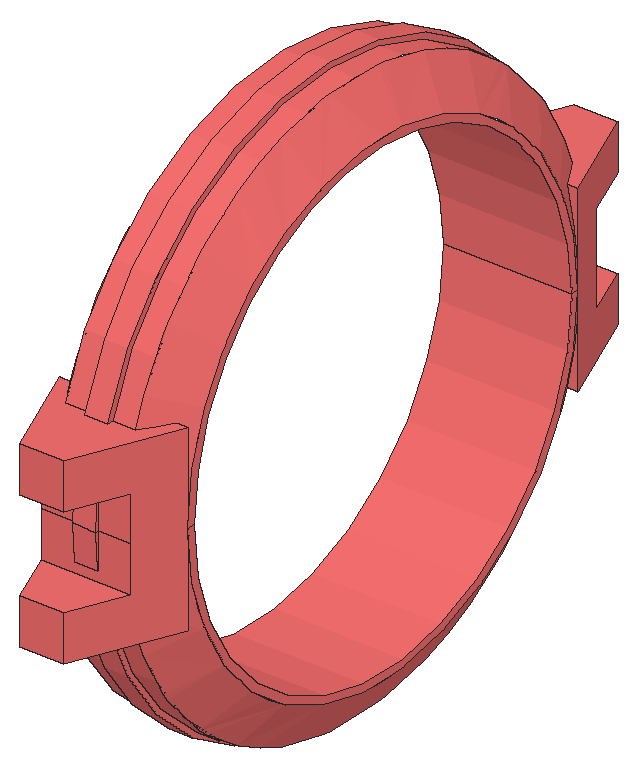
Revit family "ST-11 FLEXIBLE COUPLING UNION", category Pipe Fittings, Revit 2025
Family settings
  Round Connector Dimension = Use Diameter
  Part Type = Union
  Work Plane-Based = No
  Always vertical = No
  Cut with Voids When Loaded = No
  Shared = No
Parameters (values of type "200")
  W [instance] = 20 mm
  RD [instance] = H + R  # 266.5 mm
  R [instance] = size_lookup(LOOKUP TABLE, "R", 100 mm, ND)  # 5 mm
  ND [instance] = 200 mm
  LOOKUP TABLE = "ST-11 STD. WT COUPLING"
  K [instance] = J / 4  # 20.7 mm
  J [instance] = size_lookup(LOOKUP TABLE, "J", 100 mm, ND)  # 82.8 mm
  I [instance] = size_lookup(LOOKUP TABLE, "I", 100 mm, ND)  # 32 mm
  H [instance] = size_lookup(LOOKUP TABLE, "H", 100 mm, ND)  # 261.5 mm
  F [instance] = if(and(ND > 31 mm, ND < 201 mm), E + 7 mm, E + 5 mm)  # 221.9 mm
  E [instance] = size_lookup(LOOKUP TABLE, "E", 100 mm, ND)  # 214.9 mm
  Default Elevation = 0 mm
  H+2 [instance] = H + 3 mm  # 264.5 mm
  DCD+5 [instance] = DCD + 5 mm  # 63.3 mm
  DCD [instance] = size_lookup(LOOKUP TABLE, "DCD", 100 mm, ND)  # 58.3 mm
  ANG [instance] = 20.00°
  A [instance] = size_lookup(LOOKUP TABLE, "A", 100 mm, ND)  # 315 mm
Types (14, lengths in mm): name | RD | R | ND | K | J | I | H | F | E | H+2 | DCD+5 | DCD | A
  (no name) | 266.5 | 5 | 200 | 20.7 | 82.8 | 32 | 261.5 | 221.9 | 214.9 | 264.5 | 63.3 | 58.3 | 315
  200 | 266.5 | 5 | 200 | 20.7 | 82.8 | 32 | 261.5 | 221.9 | 214.9 | 264.5 | 63.3 | 58.3 | 315
  32 | 67 | 2 | 32 | 8.4 | 33.6 | 32 | 65 | 46.2 | 39.2 | 68 | 48.5 | 43.5 | 99
  40 | 73 | 2 | 40 | 8.4 | 33.6 | 32 | 71 | 52.3 | 45.3 | 74 | 48.5 | 43.5 | 107
  50 | 86.6 | 3 | 50 | 8.4 | 33.6 | 32 | 83.6 | 64.4 | 57.4 | 86.6 | 49.9 | 44.9 | 120
  65 | 100.3 | 3 | 65 | 8.4 | 33.6 | 32 | 97.3 | 76.3 | 69.3 | 100.3 | 49.9 | 44.9 | 134
  80 | 118.1 | 4 | 80 | 12.7 | 50.8 | 32 | 114.1 | 92.1 | 85.1 | 117.1 | 49.9 | 44.9 | 152
  3OD | 103.5 | 3 | 76.1 | 8.4 | 33.6 | 32 | 100.5 | 79.5 | 72.5 | 103.5 | 49.9 | 44.9 | 137
  100 | 151 | 4 | 100 | 12.7 | 50.8 | 32 | 147 | 117.3 | 110.3 | 150 | 55.1 | 50.1 | 183
  125 | 181.5 | 6 | 125 | 10.75 | 43 | 32 | 175.5 | 144.4 | 137.4 | 178.5 | 55.1 | 50.1 | 220
  150 | 210 | 6 | 150 | 10.75 | 43 | 32 | 204 | 171.4 | 164.4 | 207 | 55.1 | 50.1 | 249
  6.5OD | 207 | 6 | 165.1 | 10.75 | 43 | 32 | 201 | 168.2 | 161.2 | 204 | 55.1 | 50.1 | 246
  250 | 324.5 | 6 | 250 | 20.7 | 82.8 | 35 | 318.5 | 273.8 | 268.8 | 321.5 | 66.5 | 61.5 | 393
  300 | 376 | 6 | 300 | 20.7 | 82.8 | 35 | 370 | 323.9 | 318.9 | 373 | 66.5 | 61.5 | 446
Reference planes
  plane 1 "Center (Front/Back)": y = 0
  plane 2: z = 0
  plane 3 "Center (Left/Right)": x = 0
  plane 4: y = 133.25
  plane 5: y = -133.25
Forms (mm)
  Revolve 1, solid, material "Iron, Ductile(1)"
    sketch origin (0, 0, 0) x (1, 0, 0) y (0, 1, 0)
      loop
        line (-16, 130.75) -> (-29.15, 110.95) -> (-29.15, 107.45) -> (29.15, 107.45) -> (29.15, 110.95) -> (16, 130.75) -> (-16, 130.75)
      axis (29.15, 0) -> (-29.15, 0)
    angle from 0 to 360
  Extrusion 2, solid, material "Iron, Ductile(1)"
    sketch origin (0, -0.094, 0) x (0, 1, 0) y (0, 0, 1)
      loop
        line (111.044, 41.4) -> (111.044, 8) -> (111.044, 0) -> (111.044, -8) -> (111.044, -41.4) -> (157.594, -41.4) -> (157.594, -20.7) -> (132.344, -20.7) -> (132.344, 0) -> (132.344, 20.7) -> (157.594, 20.7) -> (157.594, 41.4) -> (111.044, 41.4)
      loop
        line (-110.856, 41.4) -> (-157.406, 41.4) -> (-157.406, 20.7) -> (-132.156, 20.7) -> (-132.156, 0) -> (-132.156, -20.7) -> (-157.406, -20.7) -> (-157.406, -41.4) -> (-110.856, -41.4) -> (-110.856, -8) -> (-110.856, 0) -> (-110.856, 8) -> (-110.856, 41.4)
    from -29.15 to 29.15
  Extrusion 3, void
    sketch origin (0, 0, 0) x (1, 0, 0) y (0, 1, 0)
      loop
        line (-29.15, -110.95) -> (-29.15, -157.5) -> (-10, -157.5) -> (-29.15, -110.95)
      loop
        line (10, -157.5) -> (29.15, -157.5) -> (29.15, -110.95) -> (10, -157.5)
      loop
        line (-29.15, 110.95) -> (-9.999, 157.5) -> (-29.15, 157.5) -> (-29.15, 110.95)
      loop
        line (9.999, 157.75) -> (29.15, 110.95) -> (29.15, 157.75) -> (9.999, 157.75)
    from -41.4 to 41.4
  Revolve 4, solid, material "Iron, Ductile(1)"
    sketch origin (0, 0, 0) x (1, 0, 0) y (0, 1, 0)
      loop
        line (-5.339, 133.25) -> (-5.339, 110.95) -> (5.339, 110.95) -> (5.339, 133.25) -> (-5.339, 133.25)
      axis (5.339, 0) -> (-5.339, 0)
    angle from 0 to 360
Cuts and joins
  Extrusion 3 cuts Revolve 1
  Extrusion 3 cuts Extrusion 2
  joined: Revolve 1, Extrusion 2, Revolve 4
Lines and regions (mm)
  reference lines
    curve 1: line (-51.132, 107.45, 0) -> (48.868, 107.45, 0)
    curve 2: line (68.868, -107.45, 0) -> (-71.132, -107.45, 0)
    curve 3: line (-57.835, 110.95, 0) -> (54.573, 110.95, 0)
    curve 4: line (-121.446, -110.95, 0) -> (75.637, -110.95, 0)
    curve 5: line (29.15, 131.83, 0) -> (29.15, -127.539, 0)
    curve 6: line (-29.15, 130.75, 0) -> (-29.15, -127.789, 0)
    curve 7: line (-54.672, 130.75, 0) -> (84.802, 130.75, 0)
    curve 8: line (133.31, -130.75, 0) -> (-139.238, -130.75, 0)
    curve 9: line (-37.502, 157.5, 0) -> (56.373, 157.5, 0)
    curve 10: line (-121.446, -157.5, 0) -> (111.102, -157.5, 0)
    curve 11: line (-29.15, 110.869, 0) -> (-12.178, 157.5, 0)
    curve 12: line (42.15, 110.95, 0) -> (12.178, 157.5, 0)
    curve 13: line (0, 157.5, 13.9) -> (0, 157.5, -22.751)
    curve 14: line (0, -157.5, 55) -> (0, -157.5, -7.685)
    curve 15: line (0, -215.469, 41.4) -> (0, 227.77, 41.4)
    curve 16: line (0, -204.767, -41.4) -> (0, 213.233, -41.4)
    curve 17: line (0, 132.25, 38.5) -> (0, 132.25, -14.136)
    curve 18: line (0, -132.25, 45) -> (0, -132.25, -25.4)
    curve 19: line (0, 175.696, 20.7) -> (0, -179.304, 20.7)
    curve 20: line (0, 158.039, -20.7) -> (0, -174.961, -20.7)
    curve 21: line (-89.441, 36.722, 0) -> (35.774, 36.722, 0)
    curve 22: line (-42.706, -36.722, 0) -> (46.33, -36.722, 0)
    curve 23: line (-29.15, 110.869, 0) -> (-12.178, 157.5, 0)
    curve 24: line (-185.063, 0, 0) -> (48.237, 0, 0)
Dimensions and locks
  equal spacing: curve 2, plane 1 "Center (Front/Back)", curve 1
  "E": curve 2 to curve 1
  equal spacing: curve 4, plane 1 "Center (Front/Back)", curve 3
  "F": curve 4 to curve 3
  equal spacing: curve 6, plane 3 "Center (Left/Right)", curve 5
  "DCD": curve 6 to curve 5
  equal spacing: curve 8, plane 1 "Center (Front/Back)", curve 7
  "H": curve 8 to curve 7
  equal spacing: Revolve 1 sketch curve, plane 3 "Center (Left/Right)", Revolve 1 sketch curve
  "I": Revolve 1 sketch curve to Revolve 1 sketch curve
  equal spacing: curve 10, plane 1 "Center (Front/Back)", curve 9
  "A": curve 10 to curve 9
  equal spacing: curve 14, plane 1 "Center (Front/Back)", curve 13
  "A": curve 14 to curve 13
  equal spacing: curve 18, plane 1 "Center (Front/Back)", curve 17
  "H+2": curve 18 to curve 17
  equal spacing: curve 16, level, curve 15
  "J": curve 16 to curve 15
  "K": curve 15 to curve 19
  "K": curve 20 to curve 16
  equal spacing: curve 22, plane 1 "Center (Front/Back)", curve 21
  curve 22 to curve 21 = 73.443 mm
  equal spacing: Extrusion 3 sketch curve, curve 15, Extrusion 3 sketch curve  (x2)
  equal spacing: curve 10, curve 24, curve 9
  "W": Extrusion 3 sketch curve to Extrusion 3 sketch curve  (x2)
  equal spacing: plane 4, plane 1 "Center (Front/Back)", plane 5
  "RD": plane 4 to plane 5
  equal spacing: Revolve 4 sketch curve, plane 3 "Center (Left/Right)", Revolve 4 sketch curve
  locked: curve 3 to curve 11 (angle 70.00°)
  aligned and locked: level to plane 2
  aligned and locked: curve 7 to Revolve 1 sketch curve
  aligned and locked: Revolve 1 sketch curve to plane 1 "Center (Front/Back)"
  aligned and locked: curve 17 to Extrusion 2 sketch curve
  aligned and locked: Extrusion 2 sketch curve to curve 13  (x2)
  aligned and locked: curve 19 to Extrusion 2 sketch curve
  aligned and locked: curve 15 to Extrusion 2 sketch curve
  aligned and locked: curve 20 to Extrusion 2 sketch curve
  aligned and locked: curve 16 to Extrusion 2 sketch curve
  aligned and locked: Extrusion 2 sketch curve to curve 15
  aligned and locked: curve 14 to Extrusion 2 sketch curve
  aligned and locked: Extrusion 2 sketch curve to curve 14
  aligned and locked: Extrusion 2 sketch curve to curve 20
  aligned and locked: Extrusion 2 sketch curve to curve 18
  aligned and locked: curve 18 to Extrusion 2 sketch curve
  aligned and locked: Extrusion 2 sketch curve to curve 16
  aligned and locked: Extrusion 2 to curve 6
  aligned and locked: Extrusion 2 to curve 5
  aligned and locked: curve 3 to Extrusion 2
  aligned and locked: Extrusion 2 to curve 4
  aligned and locked: curve 6 to Revolve 1 sketch curve
  aligned and locked: curve 5 to Revolve 1 sketch curve
  aligned and locked: curve 1 to Revolve 1 sketch curve  (x2)
  aligned and locked: cut or joined group of Revolve 1, Extrusion 2, Extrusion 3, Revolve 4 to cut or joined group of Revolve 1, Extrusion 2, Extrusion 3, Revolve 4  (x2)
  aligned and locked: cut or joined group of Revolve 1, Extrusion 2, Extrusion 3, Revolve 4 to curve 19
  aligned and locked: cut or joined group of Revolve 1, Extrusion 2, Extrusion 3, Revolve 4 to curve 16
  aligned and locked: curve 15 to cut or joined group of Revolve 1, Extrusion 2, Extrusion 3, Revolve 4
  aligned and locked: Extrusion 3 sketch curve to curve 10  (x2)
  aligned and locked: Extrusion 3 sketch curve to curve 6
  aligned and locked: curve 5 to Extrusion 3 sketch curve
  aligned and locked: curve 4 to Extrusion 3 sketch curve  (x2)
  aligned and locked: Extrusion 3 sketch curve to curve 9
  aligned and locked: curve 3 to Extrusion 3 sketch curve  (x2)
  aligned and locked: Extrusion 3 sketch curve to cut or joined group of Revolve 1, Extrusion 2, Extrusion 3, Revolve 4  (x2)
  aligned and locked: plane 4 to Revolve 4 sketch curve
  aligned and locked: Revolve 4 sketch curve to plane 1 "Center (Front/Back)"
  aligned and locked: curve 3 to Revolve 4 sketch curve
Automatic sketch dimensions
  Extrusion 2 sketch curve to level = 0 mm  (x4)
  Extrusion 2 sketch curve to Extrusion 2 sketch curve = 21.3 mm  (x2)
  Extrusion 2 sketch curve to level = 8 mm
  Extrusion 2 sketch curve to Extrusion 2 sketch curve = 8 mm
  level to Extrusion 2 sketch curve = 20.7 mm
  level to Extrusion 2 sketch curve = 8 mm  (x2)
  Revolve 4 sketch curve to plane 3 "Center (Left/Right)" = 5.339 mm
  Revolve 4 sketch curve to Revolve 4 sketch curve = 1994.661 mm  (x2)
  Revolve 1 sketch curve to Revolve 1 sketch curve = 3.5 mm  (x2)
  Revolve 1 sketch curve to Revolve 1 sketch curve = 1978.25 mm  (x2)
  curve 20 to curve 14 = 17.461 mm
  curve 19 to curve 14 = 21.804 mm
  curve 16 to curve 20 = 29.806 mm
  curve 15 to curve 19 = 36.165 mm
  curve 13 to curve 20 = 0.539 mm
  curve 13 to curve 19 = 18.196 mm
  curve 13 to curve 16 = 55.733 mm
  curve 19 to curve 15 = 52.075 mm
  curve 18 to level = 25.4 mm
  curve 13 to curve 20 = 2.051 mm
  curve 17 to level = 14.136 mm
  curve 14 to level = 7.685 mm
  level to curve 13 = 13.9 mm
  curve 13 to curve 17 = 24.6 mm
  level to curve 18 = 45 mm
  curve 18 to curve 14 = 10 mm
  Extrusion 3 sketch curve to plane 3 "Center (Left/Right)" = 9.999 mm
  curve 9 to curve 6 = 8.352 mm
  curve 22 to plane 3 "Center (Left/Right)" = 42.706 mm
  curve 1 to curve 11 = 21.982 mm
  curve 7 to curve 1 = 3.539 mm
  curve 3 to curve 1 = 6.703 mm
  curve 2 to curve 6 = 41.982 mm
  curve 21 to curve 1 = 38.309 mm
  curve 4 to curve 2 = 50.313 mm
  curve 10 to curve 4 = 0 mm
  curve 8 to curve 4 = 17.792 mm
  curve 24 to curve 21 = 95.623 mm
  curve 11 to plane 3 "Center (Left/Right)" = 12.178 mm
  curve 23 to curve 11 = 0 mm  (x2)
  plane 3 "Center (Left/Right)" to curve 12 = 12.178 mm
  plane 3 "Center (Left/Right)" to curve 21 = 35.774 mm
  curve 12 to curve 3 = 12.423 mm
  plane 3 "Center (Left/Right)" to curve 22 = 46.33 mm
  curve 22 to curve 24 = 1.907 mm
  curve 1 to curve 3 = 5.705 mm
  curve 5 to curve 9 = 27.223 mm
  curve 5 to curve 2 = 39.718 mm
  curve 2 to curve 4 = 6.769 mm
  curve 3 to curve 7 = 30.229 mm
  curve 4 to curve 10 = 35.465 mm
  curve 10 to curve 8 = 22.208 mm
  plane 5 to curve 6 = 5.461 mm
  plane 5 to curve 5 = 5.711 mm
  curve 5 to plane 4 = 1.42 mm
Connectors
  piping at (0, 0, 0), diameter 200, driven by "ND"
    settings: on plane 3 "Center (Left/Right)", index 2, connector inside diameter 609.6 mm, connector length 0 mm, flow factor 0, pipe flow 0.0 L/s, pressure drop 0.0 Pa, fitting loss kfactor 0, connector angle 0.00°, fixture units 0, engagement length 0 mm, angle of deflection 0.00°, flow configuration 0, flow direction 0, fitting loss method 0, system type 28, joint type 0, gender type 0, connector reference index -1, connector utility 0, adjustable connector no, is connector primary yes, connector description ""
  piping at (0, 0, 0), diameter 200, driven by "ND"
    settings: on plane 3 "Center (Left/Right)", index 3, connector inside diameter 609.6 mm, connector length 0 mm, flow factor 0, pipe flow 0.0 L/s, pressure drop 0.0 Pa, fitting loss kfactor 0, connector angle 0.00°, fixture units 0, engagement length 0 mm, angle of deflection 0.00°, flow configuration 0, flow direction 0, fitting loss method 0, system type 7, joint type 0, gender type 0, connector reference index -1, connector utility 0, adjustable connector no, is connector primary no, connector description ""
